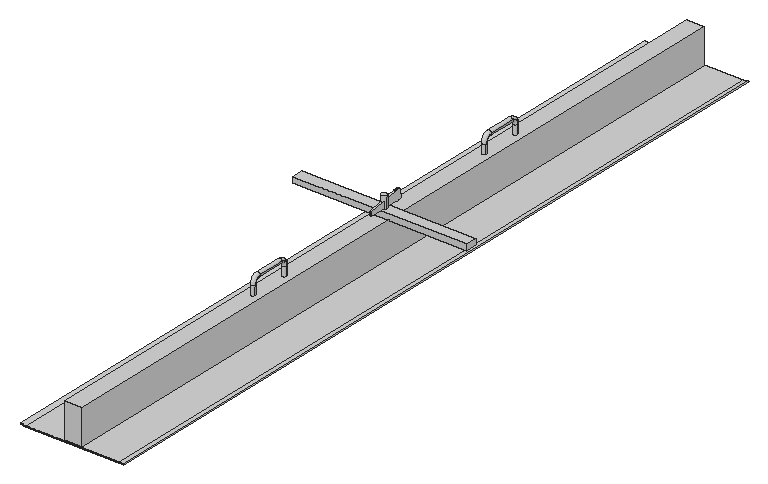
Revit family "ORMA_ORMA COMPENSATION PLATE 2,7_1900423", category Generic Models, Revit 2018
Family settings
  Can host rebar = No
  Round Connector Dimension = Use Diameter
  Part Type = Normal
  OmniClass Number = 35.51.14.00
  OmniClass Title = FORMWORK
  Work Plane-Based = Yes
  Always vertical = No
  Cut with Voids When Loaded = No
  Shared = Yes
  Room Calculation Point = No
Parameters
  VERSION = "20190101"  # constant formula
  URL = "www.ulmaconstruction.com/en"
  UNICLASS = ""
  ITEM_CODE = "1900423"
  Manufacturer = "ULMA CONSTRUCTION"  # constant formula
  FILTER [instance] = ""
  Default Elevation = 0.000 mm
  CLASSIFICATION_TITLE = ""
  CLASSIFICATION_NUMBER = ""
Reference planes
  plane 1 "Centro (Frontal/Posterior)": y = 0
  plane 2: z = 0
  plane 3 "Centro (Izquierda/Derecha)": x = 0
  plane 4 "ITEM_HEIGHT": y = 2700
  plane 5: y = 5
  plane 6 "TIE 1": y = 370
  plane 7 "TIE 2": y = 2330
  plane 8 "MIDDLE": x = 30
Forms (mm)
  Extrusion 1, solid, material "ULMA ZINC"
    sketch origin (30, 0, -120) x (1, 0, 0) y (0, 0, 1)
      loop
        line (-30, 120) -> (-30, 0) -> (30, 0) -> (30, 120) -> (-30, 120)
    from -2695 to -5
  Extrusion 2, solid, material "ULMA ZINC"
    sketch origin (30, 0, -120) x (1, 0, 0) y (0, 0, 1)
      loop
        line (-159.945, 0) -> (-179.739, 1.732) -> (-180, -1.257) -> (-160.076, -3) -> (160.076, -3) -> (180, -1.257) -> (179.739, 1.732) -> (159.945, 0) -> (-159.945, 0)
    from -2700 to 0
  Sweep 3, solid, material "ULMA ZINC", detail levels fine
    path in 3D
      loop
        line (30, 918, 0) -> (30, 918, 32)
        arc (30, 918, 32) -> (30, 911.849, 46.849) -> (30, 897, 53) r 21
        line (30, 897, 53) -> (30, 803, 53)
        arc (30, 803, 53) -> (30, 788.151, 46.849) -> (30, 782, 32) r 21
        line (30, 782, 32) -> (30, 782, 0)
    profile origin (30, 782, 16) x (1, 0, 0) y (0, 1, 0)
      loop
        circle (0, 0) r 7
  Sweep 4, solid, material "ULMA ZINC", detail levels fine
    path in 3D
      loop
        line (30, 1918, 0) -> (30, 1918, 32)
        arc (30, 1918, 32) -> (30, 1911.849, 46.849) -> (30, 1897, 53) r 21
        line (30, 1897, 53) -> (30, 1803, 53)
        arc (30, 1803, 53) -> (30, 1788.151, 46.849) -> (30, 1782, 32) r 21
        line (30, 1782, 32) -> (30, 1782, 0)
    profile origin (30, 1782, 16) x (1, 0, 0) y (0, 1, 0)
      loop
        circle (0, 0) r 7
  Extrusion 5, solid, material "ULMA ZINC"
    sketch origin (0, 0, -120) x (0, 1, 0) y (0, 0, 1)
      loop
        line (1330, 120) -> (1370, 120) -> (1370, 140) -> (1330, 140) -> (1330, 120)
    from -270 to 330
  Extrusion 6, solid, material "ULMA ZINC", detail levels fine
    sketch origin (30, 0, 0) x (1, 0, 0) y (0, 1, 0)
      loop
        circle (0, 1350) r 9
    from 20 to 60
  Extrusion 7, solid, material "ULMA ZINC", detail levels fine
    sketch origin (30, 0, -120) x (0, 0, 1) y (0, -1, 0)
      loop
        line (161.42, -1342.067) -> (152.196, -1291.168)
        arc (152.196, -1291.168) -> (151.629, -1290.242) -> (150.586, -1289.941) r 1.5
        line (150.586, -1289.941) -> (148.596, -1290.12) -> (143.356, -1290.591) -> (141.366, -1290.77)
        arc (141.366, -1290.77) -> (140.393, -1291.252) -> (140, -1292.264) r 1.5
        line (140, -1292.264) -> (140, -1330) -> (140, -1370) -> (140, -1398.56) -> (140, -1399.881) -> (140, -1402.607) -> (140.21, -1404.939) -> (140.316, -1406.128) -> (140.889, -1412.5) -> (141.059, -1414.385)
        spline (141.059, -1414.385) -> (141.099, -1414.645) -> (141.173, -1414.897) -> (141.279, -1415.138) -> (141.415, -1415.362) -> (141.58, -1415.567) -> (141.769, -1415.749) -> (141.981, -1415.904) -> (142.21, -1416.03) -> (142.455, -1416.125) -> (142.709, -1416.187) -> (142.969, -1416.215) -> (143.231, -1416.209)
        line (143.231, -1416.209) -> (171.118, -1413.702)
        spline (171.118, -1413.702) -> (171.377, -1413.662) -> (171.628, -1413.588) -> (171.867, -1413.481) -> (172.09, -1413.344) -> (172.294, -1413.179) -> (172.474, -1412.989) -> (172.628, -1412.777) -> (172.753, -1412.546) -> (172.847, -1412.3) -> (172.909, -1412.045) -> (172.937, -1411.783) -> (172.93, -1411.52)
        line (172.93, -1411.52) -> (172.761, -1409.636) -> (172.188, -1403.263) -> (172.081, -1402.075) -> (171.872, -1399.742) -> (171.385, -1397.06) -> (171.15, -1395.76) -> (164.295, -1357.933) -> (161.42, -1342.067)
    from -3.5 to 3.5
Lines and regions (mm)
  reference lines
    curve 1: line (30, 782, 32) -> (30, 782, 0)
    curve 2: arc (30, 803, 53) -> (30, 788.151, 46.849) -> (30, 782, 32) r 21
    curve 3: line (30, 897, 53) -> (30, 803, 53)
    curve 4: arc (30, 918, 32) -> (30, 911.849, 46.849) -> (30, 897, 53) r 21
    curve 5: line (30, 918, 0) -> (30, 918, 32)
    curve 6: line (30, 1782, 32) -> (30, 1782, 0)
    curve 7: arc (30, 1803, 53) -> (30, 1788.151, 46.849) -> (30, 1782, 32) r 21
    curve 8: line (30, 1897, 53) -> (30, 1803, 53)
    curve 9: arc (30, 1918, 32) -> (30, 1911.849, 46.849) -> (30, 1897, 53) r 21
    curve 10: line (30, 1918, 0) -> (30, 1918, 32)
  sketch lines
    curve 11: line (30, 782, 32) -> (30, 782, 0)
    curve 12: arc (30, 803, 53) -> (30, 788.151, 46.849) -> (30, 782, 32) r 21
    curve 13: line (30, 897, 53) -> (30, 803, 53)
    curve 14: arc (30, 918, 32) -> (30, 911.849, 46.849) -> (30, 897, 53) r 21
    curve 15: line (30, 918, 0) -> (30, 918, 32)
    curve 16: line (30, 1782, 32) -> (30, 1782, 0)
    curve 17: arc (30, 1803, 53) -> (30, 1788.151, 46.849) -> (30, 1782, 32) r 21
    curve 18: line (30, 1897, 53) -> (30, 1803, 53)
    curve 19: arc (30, 1918, 32) -> (30, 1911.849, 46.849) -> (30, 1897, 53) r 21
    curve 20: line (30, 1918, 0) -> (30, 1918, 32)
  model lines, style "ULMA PANELS", detail levels fine
    curve 21: circle (30, 2330, -123) r 12.5 normal (0, 0, 1)
    curve 22: circle (30, 370, -123) r 12.5 normal (0, 0, 1)
    curve 23: circle (30, 2330, 0) r 12.5 normal (0, 0, 1)
    curve 24: circle (30, 370, 0) r 12.5 normal (0, 0, 1)
Dimensions and locks
  locked: plane 1 "Centro (Frontal/Posterior)" to plane 4 "ITEM_HEIGHT" at 2700
  locked: Extrusion 5 sketch curve to Extrusion 5 sketch curve at 40
  locked: plane 3 "Centro (Izquierda/Derecha)" to plane 8 "MIDDLE" at 30
  aligned and locked: level to plane 2
  aligned and locked: plane 4 "ITEM_HEIGHT" to Extrusion 2
  aligned and locked: plane 1 "Centro (Frontal/Posterior)" to Extrusion 2
  aligned and locked: Extrusion 1 to plane 5
